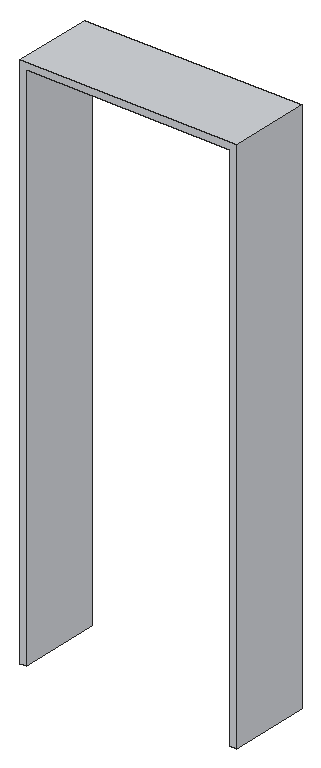
Revit family "Dor_三方枠", category ドア, Revit 2020
Family settings
  ホスト = 壁
  常に垂直 = はい
  ロード時にボイドで切り取り = はい
  共有 = いいえ
  部屋計算ポイント = いいえ
Parameters (values of type "三方枠")
  開口逃げ位置表示 [instance] = no
  金物_施錠方式(外) = ""
  金物_施錠方式(内) = ""
  金物_支持金物 = ""
  金物_操作金物 = ""
  金物_戸当り = ""
  金物_固定金物 = ""
  金物_フランス落し = ""
  金物_クローザー = ""
  法_随時閉鎖 = yes
  法_遮煙 = yes
  法_常時閉鎖 = yes
  文字_ガラス厚 = ""
  建枠下延長 [instance] = 0 mm
  ラベル_遮煙 = if(法_遮煙, "S", " ")  # "S"
  ラベル_法囲み = if(法_常時閉鎖, "□", if(法_随時閉鎖, "〇", " "))  # "□"
  bWallThicknessOffset = no
  逃げ_左 = 20 mm
  逃げ_右 = 20 mm
  解析用性能 = "<なし>"
  符号_建具記号 = ""
  符号_建具番号 = ""
  法_防火性能 = ""
  次による断熱プロパティの定義 = スキーマティック タイプ
  文字_額縁材質 = ""
  文字_額縁仕上 = ""
  文字_沓摺材質 = ""
  文字_沓摺仕上 = ""
  文字_枠材質 = ""
  文字_枠仕上 = ""
  文字_建具材質 = ""
  文字_建具仕上 = ""
  文字_取付場所 = ""
  文字_備考 = ""
  文字_パネル厚 = ""
  文字_ガラリ材質 = ""
  文字_ガラリ仕上 = ""
  文字_ガラス材質 = ""
  文字_アンダーカット = ""
  性能_遮音 = ""
  性能_気密 = ""
  形状_沓摺形状 = ""
  形状_枠形状 = ""
  形状_建具形式 = ""
  形状_ガラリ形状 = ""
  オフセット_外側 [instance] = 50 mm
  calc_逃げ位置 [instance] = if(bWallThicknessOffset, calc_壁芯ずれ, 0 mm)  # 0 mm
  calc_壁芯ずれ [instance] = オフセット_内側 / 2 + オフセット_外側 / 2  # 50 mm
  マテリアル_枠 = none
  Keynote = ""
  オフセット_内側 [instance] = 50 mm
  W寸法 = 800 mm
  LOCK = 0 mm  # constant formula
  Function = (empty or 0)
  Description = ""
  Rough Width = 0 mm
  高さ = H寸法 + LOCK  # 2100 mm
  枠見付 = 25 mm
  枠ちり外 = 10 mm
  枠ちり内 = 10 mm
  Construction Type = ""
  Wall Closure = (empty or 0)
  幅 = W寸法 + LOCK  # 800 mm
  Rough Height = 0 mm
  パネル高 = 高さ + LOCK  # 2100 mm
  パネル幅 = 幅 + LOCK  # 800 mm
  H寸法 = 2100 mm
Reference planes
  plane 1: y = 0
  plane 2 "中心(左/右)": x = 0
  plane 3 "EXT.": y = 100
  plane 4 "内壁": y = -100
  plane 5 "左": x = -400
  plane 6 "右": x = 400
  plane 7 "上側": z = 2100
  plane 8: z = 0
  plane 9 "枠ちり外": y = 160
  plane 10 "枠左": x = -425
  plane 11 "枠右": x = 425
  plane 12 "枠見付_上": z = 2125
  plane 13 "オフセット_内側": y = -150
  plane 14 "枠ちり内": y = -160
  plane 15: y = 90
  plane 16: y = -115
  plane 17: x = -430
  plane 18: x = 430
  plane 19: y = 90
  plane 20: y = -140
  plane 21 "壁芯": y = -50
  plane 22: z = 2130
  plane 23 "オフセット_外側": y = 150
  plane 24 "逃げ位置": y = 0
  plane 25: z = 0
Forms (mm)
  Extrusion 1, void
    sketch origin (0, 0, 0) x (1, 0, 0) y (0, 1, 0)
      loop
        line (-425, 150) -> (-425, -150) -> (425, -150) -> (425, 150) -> (-425, 150)
    from 0 to 2125
  Sweep 2, solid, material <- "マテリアル_枠"
    path origin (0, 100, 0) x (1, 0, 0) y (0, 0, 1)
      loop
        line (400, 0) -> (400, 2100) -> (-400, 2100) -> (-400, 0)
    profile origin (400, 100, 1050) x (-1, 0, 0) y (0, -1, 0)
      loop
        line (-25, -60) -> (0, -60) -> (0, 260) -> (-25, 260) -> (-25, -60)
Lines and regions (mm)
  Masking region 1
    outline origin (0, 0, 0) x (0, 1, 0) y (0, 0, 1)
      loop
        line (90, 2125) -> (90, 2130) -> (-115, 2130) -> (-115, 2125) -> (-160, 2125) -> (-160, 2100) -> (160, 2100) -> (160, 2125) -> (90, 2125)
  Masking region 2, detail levels coarse
    outline origin (0, 0, 0) x (1, 0, 0) y (0, 1, 0)
      loop
        line (-430, 150) -> (-430, -150) -> (-400, -150) -> (-400, 150) -> (-430, 150)
      loop
        line (430, 150) -> (400, 150) -> (400, -150) -> (430, -150) -> (430, 150)
  Masking region 3, detail levels medium+fine
    outline origin (0, 0, 0) x (1, 0, 0) y (0, 1, 0)
      loop
        line (-425, -160) -> (-400, -160) -> (-400, 160) -> (-425, 160) -> (-425, -160)
      loop
        line (425, 160) -> (400, 160) -> (400, -160) -> (425, -160) -> (425, 160)
  symbolic lines
    curve 1: line (0, 210, 0) -> (0, -210, 0)
Text (mm)
  text "EXT." at (-2295.016, 1099.543, 0), in view "基準レベル"
  text "外部" at (0, 1615.38, 3698.081), in view "左"
  text "外部" at (0, 1036.032, 3874.932), in view "右"
  text "内部" at (0, -1175.082, 3874.932), in view "右"
  text "内部" at (-2295.016, -1087.353, 0), in view "基準レベル"
Dimensions and locks
  equal spacing: plane 5 "左", plane 2 "中心(左/右)", plane 6 "右"
  locked: plane 3 "EXT." to host wall
  locked: plane 4 "内壁" to host wall
  "W寸法": plane 5 "左" to plane 6 "右"
  "H寸法": plane 8 to plane 7 "上側"
  "枠ちり内": plane 13 "オフセット_内側" to plane 14 "枠ちり内"
  "オフセット_内側": plane 13 "オフセット_内側" to plane 4 "内壁"
  locked: plane 3 "EXT." to plane 15 at 10
  plane 16 to plane 13 "オフセット_内側" = 35 mm
  locked: curve 1 to plane 9 "枠ちり外" at 50
  locked: plane 14 "枠ちり内" to curve 1 at 50
  locked: plane 19 to plane 3 "EXT." at 10
  "calc_壁芯ずれ": plane 21 "壁芯" to plane 1
  "枠見付": plane 6 "右" to plane 11 "枠右"
  "枠見付": plane 10 "枠左" to plane 5 "左"
  plane 22 to plane 12 "枠見付_上" = 5 mm
  locked: plane 20 to plane 13 "オフセット_内側" at 10
  locked: plane 17 to plane 10 "枠左" at 5
  locked: plane 11 "枠右" to plane 18 at 5
  "枠見付": plane 12 "枠見付_上" to plane 7 "上側"
  "オフセット_外側": plane 3 "EXT." to plane 23 "オフセット_外側"
  "枠ちり外": plane 9 "枠ちり外" to plane 23 "オフセット_外側"
  host wall to host wall = 200 mm
  "calc_逃げ位置": plane 24 "逃げ位置" to plane 1
  "建枠下延長": plane 8 to plane 25
  aligned and locked: plane 1 to host wall
  aligned and locked: level to plane 8
  aligned and locked: plane 12 "枠見付_上" to Extrusion 1
  aligned and locked: Sweep 2 sketch curve to plane 14 "枠ちり内"
  aligned and locked: Masking region 1 sketch curve to plane 14 "枠ちり内"
  aligned and locked: plane 9 "枠ちり外" to Masking region 1 sketch curve
  aligned and locked: Masking region 2 sketch curve to plane 17
  aligned and locked: plane 6 "右" to Masking region 2 sketch curve
  aligned and locked: Masking region 2 sketch curve to plane 18
  aligned and locked: plane 13 "オフセット_内側" to Masking region 2 sketch curve
  aligned and locked: Masking region 2 sketch curve to plane 13 "オフセット_内側"
  aligned and locked: plane 9 "枠ちり外" to Sweep 2 sketch curve
  aligned and locked: Sweep 2 sketch curve to profile plane
  aligned and locked: Sweep 2 sketch curve to plane 11 "枠右"
  aligned and locked: plane 5 "左" to Masking region 3 sketch curve
  aligned and locked: plane 6 "右" to Masking region 3 sketch curve
  aligned and locked: plane 7 "上側" to Masking region 1 sketch curve
  aligned and locked: plane 22 to Masking region 1 sketch curve
  aligned and locked: Masking region 3 sketch curve to plane 11 "枠右"
  aligned and locked: Masking region 3 sketch curve to plane 14 "枠ちり内"
  aligned and locked: plane 9 "枠ちり外" to Masking region 3 sketch curve
  aligned and locked: plane 14 "枠ちり内" to Masking region 3 sketch curve
  aligned and locked: Masking region 3 sketch curve to plane 9 "枠ちり外"
  aligned and locked: plane 10 "枠左" to Masking region 3 sketch curve
  aligned and locked: Sweep 2 sketch curve to plane 7 "上側"
  aligned and locked: plane 5 "左" to Sweep 2 sketch curve
  aligned and locked: Sweep 2 sketch curve to plane 6 "右"
  aligned and locked: plane 13 "オフセット_内側" to Extrusion 1 sketch curve
  aligned and locked: Extrusion 1 sketch curve to plane 10 "枠左"
  aligned and locked: plane 11 "枠右" to Extrusion 1 sketch curve
  aligned and locked: Masking region 2 sketch curve to plane 23 "オフセット_外側"
  aligned and locked: plane 23 "オフセット_外側" to Masking region 2 sketch curve
  aligned and locked: nested 1 to plane 24 "逃げ位置"
  aligned and locked: Extrusion 1 sketch curve to plane 23 "オフセット_外側"
  aligned and locked: plane 25 to Sweep 2 sketch curve  (x2)
Automatic sketch dimensions
  curve 1 to plane 2 "中心(左/右)" = 0 mm
  Masking region 1 sketch curve to plane 16 = 0 mm
  Masking region 1 sketch curve to plane 12 "枠見付_上" = 0 mm  (x2)
  Masking region 1 sketch curve to plane 15 = 0 mm
  Masking region 2 sketch curve to plane 5 "左" = 0 mm
Nested families
  nested 1: "平面_逃げ位置" at (0, 0, 0), visible <- "開口逃げ位置表示", 幅 <- "幅", 枠見付 <- "枠見付", 逃げ_右 <- "逃げ_右", 逃げ_左 <- "逃げ_左", type "平面_逃げ位置"
    with 逃げ_左 20 mm, 逃げ_右 20 mm, 枠見付 25 mm, 戸当り見付 0 mm, 幅 800 mm
Definition of nested family "平面_逃げ位置"
  Parameters (values of type "平面_逃げ位置")
    逃げ_左 [instance] = 20 mm
    逃げ_右 [instance] = 20 mm
    枠見付 [instance] = 25 mm
    戸当り見付 [instance] = 15 mm
    幅 [instance] = 1000 mm
  Reference planes
    plane 1 "中心(正面/背面)": y = 0
    plane 2: z = 0
    plane 3 "中心(左/右)": x = 0
    plane 4: x = -500
    plane 5: x = 500
    plane 6: x = -515
    plane 7: x = -540
    plane 8: x = 515
    plane 9: x = 540
    plane 10: x = 560
    plane 11: x = -560
    plane 12: y = -30
    plane 13: y = 30
  Lines and regions (mm)
    detail lines, in view "基準レベル"
      curve 1: line (-560, 30, 0) -> (-560, -30, 0)
      curve 2: line (560, 30, 0) -> (560, -30, 0)
  Dimensions and locks
    equal spacing: plane 4, plane 3 "中心(左/右)", plane 5
    "幅": plane 4 to plane 5
    "戸当り見付": plane 6 to plane 4
    "戸当り見付": plane 5 to plane 8
    "枠見付": plane 8 to plane 9
    "枠見付": plane 7 to plane 6
    "逃げ_右": plane 9 to plane 10
    "逃げ_左": plane 11 to plane 7
    plane 13 to plane 12 = 60 mm
    equal spacing: plane 13, plane 1 "中心(正面/背面)", plane 12
    aligned and locked: curve 1 to plane 11
    aligned and locked: plane 10 to curve 2
    aligned and locked: plane 13 to curve 2
  Automatic sketch dimensions
    curve 1 to plane 12 = 0 mm
    curve 2 to plane 12 = 0 mm
    curve 1 to plane 13 = 0 mm
